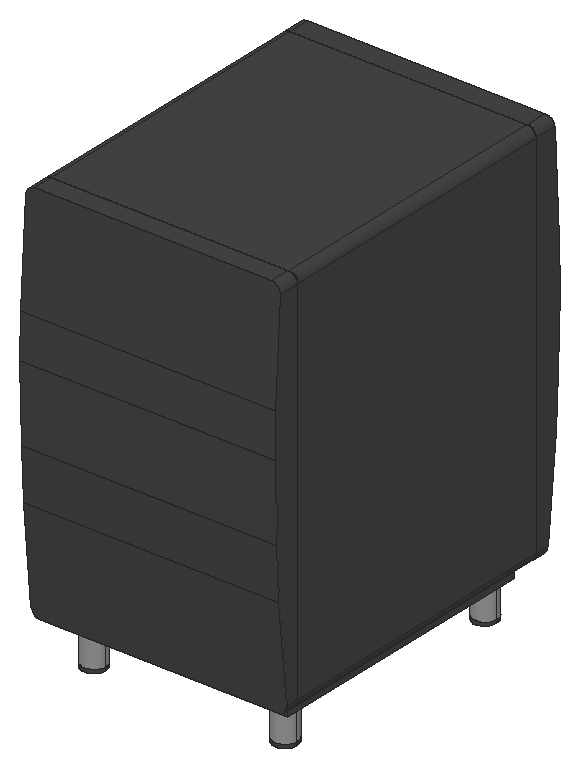
Revit family "Franke_Refrigeration_side_unit_SU12_EC-A600_MS_EC_A600_FM_EC_A800_FM_EC(EU,CH,GB)", category Specialty Equipment, Revit 2015
Parameters (values of type "Refrigeration side unit SU12 EC-A600 MS EC,A600 FM EC,A800 FM EC(220-240V/black line/EU,CH,GB)")
  Volts max. = 240 V
  URL = "https://www.franke.com/main/en/cs/products/product-search.html"
  Depth (mm) = 475 mm
  Temperature range = "+ 3° C to +8° C"
  Volts min. = 220 V
  Cycle Alternative = 60 Hz
  Max Overcurrent Protection = "-"
  Cycle = 50 Hz
  Model = "410874 - Refrigeration side unit SU12 EC - A600 MS EC, A600 FM EC, A800 FM EC"
  Milk storage = "12 l"
  Current consumption = "0.72 A"
  Cost = 0
  Height (mm) = 586 mm
  Manufacturer = "Franke"
  Energy loss acc. to DIN 18873 = "0.783 kWh/24 h - 230 V"
  Width (mm) = 340 mm
  Description = "Refrigeration side unit SU12 for storage of cooled milk"
  Assembly Code = "Refrigeration side unit SU12"
  Keynote = "Refrigeration side unit SU12"
  Weight = "26 kg"
  Number of Poles = 1
  Number of Protective Conductors = "1"
  Number of Nutral Conductors = "1"
  Frontcover = Franke Black
Types (3, lengths in mm): name | Frontcover
  (no name) | Franke Black
  Refrigeration side unit SU12 EC-A600 MS EC,A600 FM EC,A800 FM EC(220-240V/black line/EU,CH,GB) | Franke Black
  Refrigeration side unit SU12 EC-A600 MS EC,A600 FM EC,A800 FM EC(220-240V/anthracite/EU,CH,GB) | Franke Anthracite
Reference planes
  plane 1 "Mitte (Vorne/Hinten)": y = 0
  plane 2: z = 0
  plane 3 "Mitte (Links/Rechts)": x = 0
Forms (mm)
  Extrusion 1, solid, material "Franke Black"
    sketch origin (0, 0, 0) x (1, 0, 0) y (0, 0, 1)
      loop
        arc (-170, 78) -> (-166.485, 69.515) -> (-158, 66) r 12
        line (-158, 66) -> (158, 66)
        arc (158, 66) -> (166.485, 69.515) -> (170, 78) r 12
        line (170, 78) -> (170, 574)
        arc (170, 574) -> (166.485, 582.485) -> (158, 586) r 12
        line (158, 586) -> (-158, 586)
        arc (-158, 586) -> (-166.485, 582.485) -> (-170, 574) r 12
        line (-170, 574) -> (-170, 78)
    from -198.03 to 198.03
  Extrusion 2, solid, material "Franke Black"
    sketch origin (0, 0, 0) x (0, 1, 0) y (0, 0, 1)
      loop
        line (186.97, 66) -> (-188.03, 66) -> (-188.03, 46) -> (186.97, 46) -> (186.97, 66)
    from -149 to 149
  Extrusion 3, solid, material "Franke Black"
    sketch origin (0, 0, 0) x (1, 0, 0) y (0, 1, 0)
      loop
        line (-139, 119.911) -> (-139, 96.511) -> (-120.3, 96.511) -> (-120.3, 119.911) -> (-139, 119.911)
      loop
        line (120.3, 119.911) -> (120.3, 96.511) -> (139, 96.511) -> (139, 119.911) -> (120.3, 119.911)
      loop
        line (120.3, -95.689) -> (120.3, -119.089) -> (139, -119.089) -> (139, -95.689) -> (120.3, -95.689)
      loop
        line (-139, -95.689) -> (-139, -119.089) -> (-120.3, -119.089) -> (-120.3, -95.689) -> (-139, -95.689)
    from 42 to 46
  Extrusion 4, solid, material "Franke Chrome"
    sketch origin (0, 0, 0) x (1, 0, 0) y (0, 1, 0)
      loop
        circle (-127.5, 166.47) r 16
      loop
        circle (-127.5, -166.13) r 16
      loop
        circle (127.5, 166.47) r 16
      loop
        circle (127.5, -166.13) r 16
    from 5 to 46
  Extrusion 5, solid, material "Franke Black"
    sketch origin (0, 0, -41) x (1, 0, 0) y (0, 1, 0)
      loop
        circle (-127.5, 166.47) r 16
      loop
        circle (-127.5, -166.13) r 16
      loop
        circle (127.5, 166.47) r 16
      loop
        circle (127.5, -166.13) r 16
    from 41 to 46
  Extrusion 6, solid, material "Franke Black" <- "Frontcover"
    sketch origin (0, 0, 0) x (0, 1, 0) y (0, 0, 1)
      loop
        line (-199.53, 586) -> (-226.03, 586)
        arc (-226.03, 586) -> (-230.938, 512.688) -> (-234.804, 439.314) r 5166.525
        arc (-234.804, 439.314) -> (-235.718, 409.388) -> (-235.736, 379.448) r 1000
        arc (-235.736, 379.448) -> (-234.928, 328.403) -> (-233.97, 277.36) r 17389.365
        arc (-233.97, 277.36) -> (-232.66, 242.583) -> (-230.141, 207.872) r 1000
        arc (-230.141, 207.872) -> (-223.415, 136.903) -> (-216.03, 66) r 7668.804
        line (-216.03, 66) -> (-199.53, 66) -> (-199.53, 586)
    from -170 to 170
  Extrusion 7, solid, material "Franke Black"
    sketch origin (0, 0, 0) x (0, 1, 0) y (0, 0, 1)
      loop
        line (228.03, 586) -> (199.53, 586) -> (199.53, 66) -> (216.03, 66)
        arc (216.03, 66) -> (223.625, 137.651) -> (230.787, 209.347) r 11934.303
        arc (230.787, 209.347) -> (233.53, 243.904) -> (235.074, 278.535) r 1000
        arc (235.074, 278.535) -> (236.278, 326.896) -> (237.256, 375.262) r 10374.963
        arc (237.256, 375.262) -> (237.334, 405.934) -> (236.472, 436.595) r 1000
        arc (236.472, 436.595) -> (232.736, 511.325) -> (228.03, 586) r 5764.394
    from -170 to 170
  Extrusion 8, solid, material "Franke Black"
    sketch origin (0, 0, 0) x (1, 0, 0) y (0, 0, 1)
      loop
        line (-120, 576) -> (-120, 66) -> (120, 66) -> (120, 576) -> (-120, 576)
    from 198.03 to 199.53
  Extrusion 9, solid, material "Franke Black"
    sketch origin (0, 397.56, 0) x (1, 0, 0) y (0, 0, 1)
      loop
        line (-120, 576) -> (-120, 66) -> (120, 66) -> (120, 576) -> (-120, 576)
    from 198.03 to 199.53
  Extrusion 10, void
    sketch origin (0, 0, 0) x (1, 0, 0) y (0, 0, 1)
      loop
        line (-158, 586) -> (-158, 596) -> (-180, 596) -> (-180, 574) -> (-170, 574)
        arc (-170, 574) -> (-166.485, 582.485) -> (-158, 586) r 12
      loop
        arc (158, 586) -> (166.485, 582.485) -> (170, 574) r 12
        line (170, 574) -> (180, 574) -> (180, 596) -> (158, 596) -> (158, 586)
      loop
        arc (-158, 66) -> (-166.485, 69.515) -> (-170, 78) r 12
        line (-170, 78) -> (-180, 78) -> (-180, 56) -> (-158, 56) -> (-158, 66)
      loop
        line (158, 66) -> (158, 56) -> (180, 56) -> (180, 78) -> (170, 78)
        arc (170, 78) -> (166.485, 69.515) -> (158, 66) r 12
    from -296.752 to 350.669
  Extrusion 11, void
    sketch origin (0, 0, 0) x (1, 0, 0) y (0, 1, 0)
      loop
        circle (-2, 69.416) r 50
    from 0 to 56
  Extrusion 12, solid, material "Franke Chrome"
    sketch origin (0, 0, 0) x (1, 0, 0) y (0, 1, 0)
      loop
        circle (0, 95.015) r 2.5
    from 46 to 56
Cuts and joins
  Extrusion 11 cuts Extrusion 2
  Extrusion 10 cuts Extrusion 6
  Extrusion 10 cuts Extrusion 7
Dimensions and locks
  aligned and locked: level to plane 2
Connectors
  electrical at (0, 95.015, 46), driven by "Volts min.", driven by "Number of Poles"
    settings: on Extrusion 12, index 1, voltage 220 V, apparent load 0 VA, apparent load phase1 0 VA, apparent load phase2 0 VA, apparent load phase3 0 VA, power factor 1, load classification "Strom", number of poles 1, system type 31, power factor state 1, is connector primary yes, connector utility no, sub classification motor no, connector description ""
